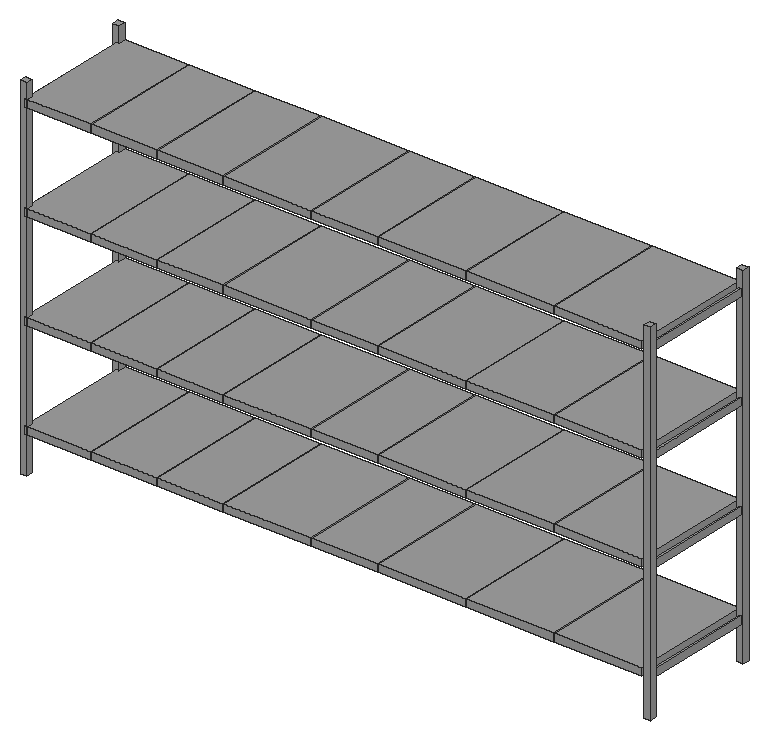
Revit family "QF_BOURGEAT_Rayonnage_modulaire_étagère_de_base", category Equipement spécialisé, Revit 2015
Parameters
  Plateau 4 niveau [instance] = 5
  Plateau 3 niveau [instance] = 7
  Plateau 3 = Longueur > 3321 mm  # no
  Plateau 2 niveau [instance] = 3
  Plateau 2 = Longueur > 1671 mm  # yes
  Plateau 1 niveau [instance] = 1
  Pl4N [instance] = if(Plateau 4 niveau < 1, 1, if(Plateau 4 niveau > 7, 7, Plateau 4 niveau))  # 5
  Pl3N [instance] = if(Plateau 3 niveau < 1, 1, if(Plateau 3 niveau > 7, 7, Plateau 3 niveau))  # 7
  Pl2N [instance] = if(Plateau 2 niveau < 1, 1, if(Plateau 2 niveau > 7, 7, Plateau 2 niveau))  # 3
  Pl1N [instance] = if(Plateau 1 niveau < 1, 1, if(Plateau 1 niveau > 7, 7, Plateau 1 niveau))  # 1
  Model = "test"
  Longueur Plateau 3 = if(LP3 = 1, 805 mm, if(LP3 = 2, 910 mm, if(LP3 = 3, 1020 mm, if(LP3 = 4, 1125 mm, if(LP3 = 5, 1235 mm, if(LP3 = 6, 1345 mm, if(LP3 = 7, 1450 mm, if(LP3 = 8, 1560 mm, if(LP3 = 9, 1670 mm, 805 mm)))))))))  # 805 mm
  Longueur Plateau 2 = if(LP2 = 1, 805 mm, if(LP2 = 2, 910 mm, if(LP2 = 3, 1020 mm, if(LP2 = 4, 1125 mm, if(LP2 = 5, 1235 mm, if(LP2 = 6, 1345 mm, if(LP2 = 7, 1450 mm, if(LP2 = 8, 1560 mm, if(LP2 = 9, 1670 mm, 805 mm)))))))))  # 1670 mm
  Longueur Plateau 1 = if(LP1 = 1, 805 mm, if(LP1 = 2, 910 mm, if(LP1 = 3, 1020 mm, if(LP1 = 4, 1125 mm, if(LP1 = 5, 1235 mm, if(LP1 = 6, 1345 mm, if(LP1 = 7, 1450 mm, if(LP1 = 8, 1560 mm, if(LP1 = 9, 1670 mm, 805 mm)))))))))  # 1450 mm
  Longueur = 3095 mm
  Profondeur = 600 mm
  LP3 = 0
  LP2 = 9
  LP1 = 7
  HtPl4 [instance] = if(Pl4N * 240 mm - 23 mm < 0 mm, 0 mm, Pl4N * 240 mm - 23 mm)  # 1177 mm
  HtPl3 [instance] = if(Pl3N * 240 mm - 23 mm < 0 mm, 0 mm, Pl3N * 240 mm - 23 mm)  # 1657 mm
  HtPl2 [instance] = if(Pl2N * 240 mm - 23 mm < 0 mm, 0 mm, Pl2N * 240 mm - 23 mm)  # 697 mm
  HtPl1 [instance] = if(Pl1N * 240 mm - 23 mm < 0 mm, 0 mm, Pl1N * 240 mm - 23 mm)  # 217 mm
  Calagepl3 = if(Longueur < 3420 mm, 0 mm, Longueur Plateau 1 + Longueur Plateau 2 - if(LP1 = 1, 23.5 mm, if(LP1 = 2, 22 mm, if(LP1 = 3, 22.5 mm, if(LP1 = 4, 21 mm, if(LP1 = 5, 22 mm, if(LP1 = 6, 23 mm, if(LP1 = 7, 21 mm, if(LP1 = 8, 22 mm, if(LP1 = 9, 23 mm, 23.5 mm))))))))) - if(LP2 = 1, 47 mm, if(LP2 = 2, 44 mm, if(LP2 = 3, 45 mm, if(LP2 = 4, 42 mm, if(LP2 = 5, 44 mm, if(LP2 = 6, 46 mm, if(LP2 = 7, 42 mm, if(LP2 = 8, 44 mm, if(LP2 = 9, 46 mm, 47 mm))))))))))  # 0 mm
  Calagepl2 = if(Longueur < 1790 mm, 0 mm, Longueur Plateau 1 - if(LP1 = 1, 23.5 mm, if(LP1 = 2, 22 mm, if(LP1 = 3, 22.5 mm, if(LP1 = 4, 21 mm, if(LP1 = 5, 22 mm, if(LP1 = 6, 23 mm, if(LP1 = 7, 21 mm, if(LP1 = 8, 22 mm, if(LP1 = 9, 23 mm, 23.5 mm))))))))))  # 1429 mm
  4 niveaux plateau 3 = and([4 niveaux], Plateau 3)  # no
  4 niveaux Plateau 2 = and([4 niveaux], Plateau 2)  # yes
  4 niveaux = yes
Reference planes
  plane 1 "Centre (avant/arrière)": y = 0
  plane 2: z = 0
  plane 3 "Centre (gauche/droite)": x = 0
  plane 4: x = -840.014
  plane 5: x = 2254.986
  plane 6: y = 300
  plane 7: y = -300
  plane 8: x = 588.986
  plane 9: x = -840.014
  plane 10: z = 217
  plane 11: z = 697
  plane 12: z = 1657
  plane 13: z = 1177
Dimensions and locks
  equal spacing: plane 6, plane 1 "Centre (avant/arrière)", plane 7
  "Profondeur": plane 6 to plane 7
  "Longueur": plane 4 to plane 5
  "Calagepl2": plane 4 to plane 8
  "Calagepl3": plane 4 to plane 9
  "HtPl1": plane 10 to plane 2
  "HtPl2": plane 11 to plane 2
  "HtPl3": plane 12 to plane 2
  "HtPl4": plane 13 to plane 2
  aligned and locked: level to plane 2
  aligned and locked: plane 1 "Centre (avant/arrière)" to nested 1
  aligned and locked: plane 4 to nested 1
  aligned and locked: plane 1 "Centre (avant/arrière)" to nested 2
  aligned and locked: plane 5 to nested 2
  aligned and locked: plane 1 "Centre (avant/arrière)" to nested 3
  aligned and locked: plane 4 to nested 3
  aligned and locked: plane 1 "Centre (avant/arrière)" to nested 4
  aligned and locked: nested 4 to plane 8
  aligned and locked: plane 1 "Centre (avant/arrière)" to nested 5
  aligned and locked: nested 5 to plane 9
  aligned and locked: plane 10 to nested 3
  aligned and locked: plane 10 to nested 4
  aligned and locked: plane 10 to nested 5
  aligned and locked: plane 11 to nested 6
  aligned and locked: plane 11 to nested 7
  aligned and locked: plane 11 to nested 8
  aligned and locked: plane 13 to nested 9
  aligned and locked: plane 13 to nested 10
  aligned and locked: plane 13 to nested 11
  aligned and locked: plane 12 to nested 12
  aligned and locked: plane 12 to nested 13
  aligned and locked: plane 12 to nested 14
  aligned and locked: nested 7 to plane 8
  aligned and locked: nested 8 to plane 9
  aligned and locked: plane 4 to nested 6
  aligned and locked: plane 4 to nested 9
  aligned and locked: nested 10 to plane 8
  aligned and locked: nested 11 to plane 9
  aligned and locked: plane 4 to nested 12
  aligned and locked: nested 13 to plane 8
  aligned and locked: nested 14 to plane 9
Nested families
  nested 1: "Portique" at (-840.014, 0, 0), type "Portique"
  nested 2: "Portique" at (2222.986, 0, 0), type "Portique"
  nested 3: "Plateau" at (-840.014, 0, 181), type "Plateau"
    with Longueur4 1408 mm, Longueur3 975 mm, Longueur2 650 mm, Longueur 1450 mm, Décalage 21 mm, Clayette 3 325 mm, Clayette 2 325 mm
  nested 4: "Plateau" at (565.986, 0, 181), visible <- "Plateau 2", type "Plateau 2"
  nested 5: "Plateau" at (-863.514, 0, 181), visible <- "Plateau 3", type "Plateau 3"
    with Longueur4 433 mm, Longueur3 433 mm, Longueur 805 mm, Décalage 23.5 mm, Clayette4 no, Clayette3 no
  nested 6: "Plateau" at (-840.014, 0, 661), type "Plateau"
    with Longueur4 1408 mm, Longueur3 975 mm, Longueur2 650 mm, Longueur 1450 mm, Décalage 21 mm, Clayette 3 325 mm, Clayette 2 325 mm
  nested 7: "Plateau" at (565.986, 0, 661), visible <- "Plateau 2", type "Plateau 2"
  nested 8: "Plateau" at (-863.514, 0, 661), visible <- "Plateau 3", type "Plateau 3"
    with Longueur4 433 mm, Longueur3 433 mm, Longueur 805 mm, Décalage 23.5 mm, Clayette4 no, Clayette3 no
  nested 9: "Plateau" at (-840.014, 0, 1141), visible <- "4 niveaux", type "Plateau"
    with Longueur4 1408 mm, Longueur3 975 mm, Longueur2 650 mm, Longueur 1450 mm, Décalage 21 mm, Clayette 3 325 mm, Clayette 2 325 mm
  nested 10: "Plateau" at (565.986, 0, 1141), visible <- "4 niveaux Plateau 2", type "Plateau 2"
  nested 11: "Plateau" at (-863.514, 0, 1141), visible <- "4 niveaux plateau 3", type "Plateau 3"
    with Longueur4 433 mm, Longueur3 433 mm, Longueur 805 mm, Décalage 23.5 mm, Clayette4 no, Clayette3 no
  nested 12: "Plateau" at (-840.014, 0, 1621), type "Plateau"
    with Longueur4 1408 mm, Longueur3 975 mm, Longueur2 650 mm, Longueur 1450 mm, Décalage 21 mm, Clayette 3 325 mm, Clayette 2 325 mm
  nested 13: "Plateau" at (565.986, 0, 1621), visible <- "Plateau 2", type "Plateau 2"
  nested 14: "Plateau" at (-863.514, 0, 1621), visible <- "Plateau 3", type "Plateau 3"
    with Longueur4 433 mm, Longueur3 433 mm, Longueur 805 mm, Décalage 23.5 mm, Clayette4 no, Clayette3 no
Definition of nested family "Portique"
  Parameters (values of type "Portique")
    Largeur = 600 mm
    Hauteur = 1730 mm
  Reference planes
    plane 1 "Centre (avant/arrière)": y = 0
    plane 2: z = 0
    plane 3 "Centre (gauche/droite)": x = 0
    plane 4: y = 300
    plane 5: y = -300
    plane 6: z = 1730
    plane 7: x = 32
    plane 8: z = 1129
    plane 9: z = 649
    plane 10: z = 169
    plane 11: z = 1609
  Forms (mm)
    Extrusion 1, solid
      sketch origin (0, 0, 0) x (1, 0, 0) y (0, 1, 0)
        loop
          line (0, 300) -> (0, 267.5) -> (32, 267.5) -> (32, 300) -> (0, 300)
        loop
          line (0, -300) -> (32, -300) -> (32, -267.5) -> (0, -267.5) -> (0, -300)
      from 0 to 1730
    Extrusion 2, solid
      sketch origin (0, 0, 0) x (1, 0, 0) y (0, 0, 1)
        loop
          line (12.5, 1609) -> (19.5, 1609) -> (19.5, 1645) -> (12.5, 1645) -> (12.5, 1609)
        loop
          line (12.5, 1129) -> (19.5, 1129) -> (19.5, 1165) -> (12.5, 1165) -> (12.5, 1129)
        loop
          line (12.5, 649) -> (19.5, 649) -> (19.5, 685) -> (12.5, 685) -> (12.5, 649)
        loop
          line (12.5, 169) -> (19.5, 169) -> (19.5, 205) -> (12.5, 205) -> (12.5, 169)
      from -267.5 to 267.5
  Dimensions and locks
    equal spacing: plane 4, plane 1 "Centre (avant/arrière)", plane 5
    "Largeur": plane 4 to plane 5
    locked: plane 6 to level at 1730
    plane 3 "Centre (gauche/droite)" to plane 7 = 32 mm
    locked: plane 4 to Extrusion 1 sketch curve at 32.5
    plane 6 to plane 10 = 1561 mm
    plane 6 to plane 9 = 1081 mm
    plane 6 to plane 8 = 601 mm
    plane 6 to plane 11 = 121 mm
    locked: Extrusion 2 sketch curve to plane 11 at 36
    locked: Extrusion 1 sketch curve to Extrusion 1 sketch curve at 32.5
    aligned and locked: level to plane 2
    aligned and locked: Extrusion 1 sketch curve to plane 7
    aligned and locked: plane 3 "Centre (gauche/droite)" to Extrusion 1 sketch curve
    aligned and locked: Extrusion 1 sketch curve to plane 4
    aligned and locked: Extrusion 1 sketch curve to plane 5
    aligned and locked: Extrusion 1 sketch curve to plane 3 "Centre (gauche/droite)"
    aligned and locked: plane 7 to Extrusion 1 sketch curve
    aligned and locked: Extrusion 1 to level
    aligned and locked: plane 6 to Extrusion 1
    aligned and locked: plane 11 to Extrusion 2 sketch curve
    aligned and locked: Extrusion 2 to Extrusion 1  (x2)
  Automatic sketch dimensions
    Extrusion 2 sketch curve to plane 10 = 0 mm
    Extrusion 2 sketch curve to plane 9 = 0 mm
    Extrusion 2 sketch curve to plane 8 = 0 mm
    plane 3 "Centre (gauche/droite)" to Extrusion 2 sketch curve = 19.5 mm  (x4)
    Extrusion 2 sketch curve to plane 7 = 19.5 mm  (x4)
    Extrusion 2 sketch curve to Extrusion 2 sketch curve = 36 mm  (x3)
Definition of nested family "Plateau"
  Parameters (values of type "Plateau")
    Longueur4 = if(Longueur < 1450 mm, 433 mm, Longueur3 + Clayette 4)  # 1624 mm
    Longueur3 = if(Longueur < 1020 mm, 433 mm, Longueur2 + Clayette 3)  # 1191 mm
    Longueur2 = Longueur1 + Clayette 2  # 758 mm
    Longueur1 = Clayette 1  # 325 mm
    Longueur = 1670 mm
    Largeur = 600 mm
    Décalage = (Longueur - if(Longueur2 > Longueur3, Longueur2, if(Longueur3 > Longueur4, Longueur3, Longueur4))) / 2  # 23 mm
    Clayette4 = Longueur > 1449 mm  # yes
    Clayette3 = Longueur > 1019 mm  # yes
    Clayette 4 = 433 mm  # constant formula
    Clayette 3 = if(or(Longueur = 1020 mm, Longueur = 1450 mm), 325 mm, 433 mm)  # 433 mm
    Clayette 2 = if(or(Longueur = 1020 mm, Longueur = 1125 mm, Longueur = 1450 mm, Longueur = 1560 mm), 325 mm, 433 mm)  # 433 mm
    Clayette 1 = if(or(Longueur = 910 mm, Longueur = 1345 mm), 433 mm, 325 mm)  # 325 mm
  Reference planes
    plane 1 "Centre (avant/arrière)": y = 0
    plane 2: z = 0
    plane 3 "Centre (gauche/droite)": x = 0
    plane 4: x = 348
    plane 5: x = 781
    plane 6: x = 1214
    plane 7: x = 1670
    plane 8: y = 300
    plane 9: y = -300
    plane 10: x = 23
    plane 11: x = 1647
  Dimensions and locks
    "Longueur": plane 3 "Centre (gauche/droite)" to plane 7
    equal spacing: plane 8, plane 1 "Centre (avant/arrière)", plane 9
    "Largeur": plane 8 to plane 9
    "Décalage": plane 3 "Centre (gauche/droite)" to plane 10
    "Longueur1": plane 10 to plane 4
    "Longueur2": plane 10 to plane 5
    "Longueur3": plane 10 to plane 6
    "Longueur4": plane 10 to plane 11
    aligned and locked: level to plane 2
    aligned and locked: plane 1 "Centre (avant/arrière)" to nested 1
    aligned and locked: nested 1 to plane 2
    aligned and locked: plane 1 "Centre (avant/arrière)" to nested 2
    aligned and locked: plane 1 "Centre (avant/arrière)" to nested 3
    aligned and locked: plane 1 "Centre (avant/arrière)" to nested 4
    aligned and locked: plane 4 to nested 1
    aligned and locked: plane 5 to nested 2
    aligned and locked: plane 6 to nested 3
    aligned and locked: plane 11 to nested 4
  Nested families
    nested 1: "Clayette" at (185.5, 0, 0), type "Clayette"
      with Longueur 325 mm
    nested 2: "Clayette" at (564.5, 0, 0), type "Clayette 2"
      with Longueur 433 mm
    nested 3: "Clayette" at (997.5, 0, 0), visible <- "Clayette3", type "Clayette 3"
      with Longueur 433 mm
    nested 4: "Clayette" at (1430.5, 0, 0), visible <- "Clayette4", type "Clayette 4"
      with Longueur 433 mm
  Definition of nested family "Clayette"
    Parameters (values of type "Clayette")
      Longueur = 600 mm
      Largeur = 600 mm
      Epaisseur = 36 mm
    Reference planes
      plane 1 "Centre (avant/arrière)": y = 0
      plane 2: z = 0
      plane 3 "Centre (gauche/droite)": x = 0
      plane 4: x = -300
      plane 5: x = 300
      plane 6: y = 300
      plane 7: y = -300
      plane 8: z = 36
    Forms (mm)
      Extrusion 1, solid
        sketch origin (0, 0, 0) x (1, 0, 0) y (0, 1, 0)
          loop
            line (-300, 300) -> (-300, -300) -> (300, -300) -> (300, 300) -> (-300, 300)
        from 0 to 36
    Dimensions and locks
      equal spacing: plane 6, plane 1 "Centre (avant/arrière)", plane 7
      "Largeur": plane 6 to plane 7
      equal spacing: plane 4, plane 3 "Centre (gauche/droite)", plane 5
      "Longueur": plane 4 to plane 5
      "Epaisseur": plane 8 to level
      aligned and locked: level to plane 2
      aligned and locked: Extrusion 1 sketch curve to plane 6
      aligned and locked: plane 4 to Extrusion 1 sketch curve
      aligned and locked: plane 7 to Extrusion 1 sketch curve
      aligned and locked: Extrusion 1 sketch curve to plane 5
      aligned and locked: Extrusion 1 to level
      aligned and locked: plane 8 to Extrusion 1
Types in the file's own list only (38): name | Plateau 3 | Plateau 2 | Modèle | Longueur Plateau 3 | Longueur Plateau 2 | Longueur Plateau 1 | Longueur | Profondeur | LP3 | LP2 | LP1 | Calagepl3 | Calagepl2 | 4 niveaux plateau 3 | 4 niveaux Plateau 2 | 4 niveaux
  805x425 3N | Non | Non | 801308 | 805 mm | 805 mm | 805 mm | 805 mm | 425 mm | 0 | 0 | 1 | 0 mm | 0 mm | Non | Non | Non
  805x425 4N | Non | Non | 801408 | 805 mm | 805 mm | 805 mm | 805 mm | 425 mm | 0 | 0 | 1 | 0 mm | 0 mm | Non | Non | Oui
  805x600 3N | Non | Non | 802308 | 805 mm | 805 mm | 805 mm | 805 mm | 600 mm | 0 | 0 | 1 | 0 mm | 0 mm | Non | Non | Non
  805x600 4N | Non | Non | 802408 | 805 mm | 805 mm | 805 mm | 805 mm | 600 mm | 0 | 0 | 1 | 0 mm | 0 mm | Non | Non | Oui
  910x425 3N | Non | Non | 801309 | 805 mm | 805 mm | 910 mm | 910 mm | 425 mm | 0 | 0 | 2 | 0 mm | 0 mm | Non | Non | Non
  910x425 4N | Non | Non | 801409 | 805 mm | 805 mm | 910 mm | 910 mm | 425 mm | 0 | 0 | 2 | 0 mm | 0 mm | Non | Non | Oui
  910x600 3N | Non | Non | 802309 | 805 mm | 805 mm | 910 mm | 910 mm | 600 mm | 0 | 0 | 2 | 0 mm | 0 mm | Non | Non | Non
  910x600 4N | Non | Non | 802409 | 805 mm | 805 mm | 910 mm | 910 mm | 600 mm | 0 | 0 | 2 | 0 mm | 0 mm | Non | Non | Oui
  1020x425 3N | Non | Non | 801310 | 805 mm | 805 mm | 1020 mm | 1020 mm | 425 mm | 0 | 0 | 3 | 0 mm | 0 mm | Non | Non | Non
  1020x425 4N | Non | Non | 801410 | 805 mm | 805 mm | 1020 mm | 1020 mm | 425 mm | 0 | 0 | 3 | 0 mm | 0 mm | Non | Non | Oui
  1020x600 3N | Non | Non | 802310 | 805 mm | 805 mm | 1020 mm | 1020 mm | 600 mm | 0 | 0 | 3 | 0 mm | 0 mm | Non | Non | Non
  1020x600 4N | Non | Non | 802410 | 805 mm | 805 mm | 1020 mm | 1020 mm | 600 mm | 0 | 0 | 3 | 0 mm | 0 mm | Non | Non | Oui
  1125x425 3N | Non | Non | 801311 | 805 mm | 805 mm | 1125 mm | 1125 mm | 425 mm | 0 | 0 | 4 | 0 mm | 0 mm | Non | Non | Non
  1125x425 4N | Non | Non | 801411 | 805 mm | 805 mm | 1125 mm | 1125 mm | 425 mm | 0 | 0 | 4 | 0 mm | 0 mm | Non | Non | Oui
  1125x600 3N | Non | Non | 802311 | 805 mm | 805 mm | 1125 mm | 1125 mm | 600 mm | 0 | 0 | 4 | 0 mm | 0 mm | Non | Non | Non
  1125x600 4N | Non | Non | 802411 | 805 mm | 805 mm | 1125 mm | 1125 mm | 600 mm | 0 | 0 | 4 | 0 mm | 0 mm | Non | Non | Oui
  1235x425 3N | Non | Non | 801312 | 805 mm | 805 mm | 1235 mm | 1235 mm | 425 mm | 0 | 0 | 5 | 0 mm | 0 mm | Non | Non | Non
  1235x425 4N | Non | Non | 801412 | 805 mm | 805 mm | 1235 mm | 1235 mm | 425 mm | 0 | 0 | 5 | 0 mm | 0 mm | Non | Non | Oui
  1235x600 3N | Non | Non | 802312 | 805 mm | 805 mm | 1235 mm | 1235 mm | 600 mm | 0 | 0 | 5 | 0 mm | 0 mm | Non | Non | Non
  1235x600 4N | Non | Non | 802412 | 805 mm | 805 mm | 1235 mm | 1235 mm | 600 mm | 0 | 0 | 5 | 0 mm | 0 mm | Non | Non | Oui
  1345x425 3N | Non | Non | 801313 | 805 mm | 805 mm | 1345 mm | 1345 mm | 425 mm | 0 | 0 | 6 | 0 mm | 0 mm | Non | Non | Non
  1345x425 4N | Non | Non | 801413 | 805 mm | 805 mm | 1345 mm | 1345 mm | 425 mm | 0 | 0 | 6 | 0 mm | 0 mm | Non | Non | Oui
  1345x600 3N | Non | Non | 802313 | 805 mm | 805 mm | 1345 mm | 1345 mm | 600 mm | 0 | 0 | 6 | 0 mm | 0 mm | Non | Non | Non
  1345x600 4N | Non | Non | 802413 | 805 mm | 805 mm | 1345 mm | 1345 mm | 600 mm | 0 | 0 | 6 | 0 mm | 0 mm | Non | Non | Oui
  1450x425 3N | Non | Non | 801314 | 805 mm | 805 mm | 1450 mm | 1450 mm | 425 mm | 0 | 0 | 7 | 0 mm | 0 mm | Non | Non | Non
  1450x425 4N | Non | Non | 801414 | 805 mm | 805 mm | 1450 mm | 1450 mm | 425 mm | 0 | 0 | 7 | 0 mm | 0 mm | Non | Non | Oui
  1450x600 3N | Non | Non | 802314 | 805 mm | 805 mm | 1450 mm | 1450 mm | 600 mm | 0 | 0 | 7 | 0 mm | 0 mm | Non | Non | Non
  1450x600 4N | Non | Non | 802414 | 805 mm | 805 mm | 1450 mm | 1450 mm | 600 mm | 0 | 0 | 7 | 0 mm | 0 mm | Non | Non | Oui
  1560x425 3N | Non | Non | 801315 | 805 mm | 805 mm | 1560 mm | 1560 mm | 425 mm | 0 | 0 | 8 | 0 mm | 0 mm | Non | Non | Non
  1560x425 4N | Non | Non | 801415 | 805 mm | 805 mm | 1560 mm | 1560 mm | 425 mm | 0 | 0 | 8 | 0 mm | 0 mm | Non | Non | Oui
  1560x600 3N | Non | Non | 802315 | 805 mm | 805 mm | 1560 mm | 1560 mm | 600 mm | 0 | 0 | 8 | 0 mm | 0 mm | Non | Non | Non
  1560x600 4N | Non | Non | 802415 | 805 mm | 805 mm | 1560 mm | 1560 mm | 600 mm | 0 | 0 | 8 | 0 mm | 0 mm | Non | Non | Oui
  1670x425 3N | Non | Non | 801316 | 805 mm | 805 mm | 1670 mm | 1670 mm | 425 mm | 0 | 0 | 9 | 0 mm | 0 mm | Non | Non | Non
  1670x425 4N | Non | Non | 801416 | 805 mm | 805 mm | 1670 mm | 1670 mm | 425 mm | 0 | 0 | 9 | 0 mm | 0 mm | Non | Non | Oui
  1670x600 3N | Non | Non | 802316 | 805 mm | 805 mm | 1670 mm | 1670 mm | 600 mm | 0 | 0 | 9 | 0 mm | 0 mm | Non | Non | Non
  1670x600 4N | Non | Non | 802416 | 805 mm | 805 mm | 1670 mm | 1670 mm | 600 mm | 0 | 0 | 9 | 0 mm | 0 mm | Non | Non | Oui
  2325x425 3N | Non | Oui | 801323 | 805 mm | 1235 mm | 1125 mm | 2325 mm | 425 mm | 0 | 5 | 4 | 0 mm | 1104 mm | Non | Non | Non
  3530x425 3N | Oui | Oui | 801335 | 1345 mm | 1125 mm | 1125 mm | 3530 mm | 425 mm | 6 | 4 | 4 | 2187 mm | 1104 mm | Non | Non | Non
